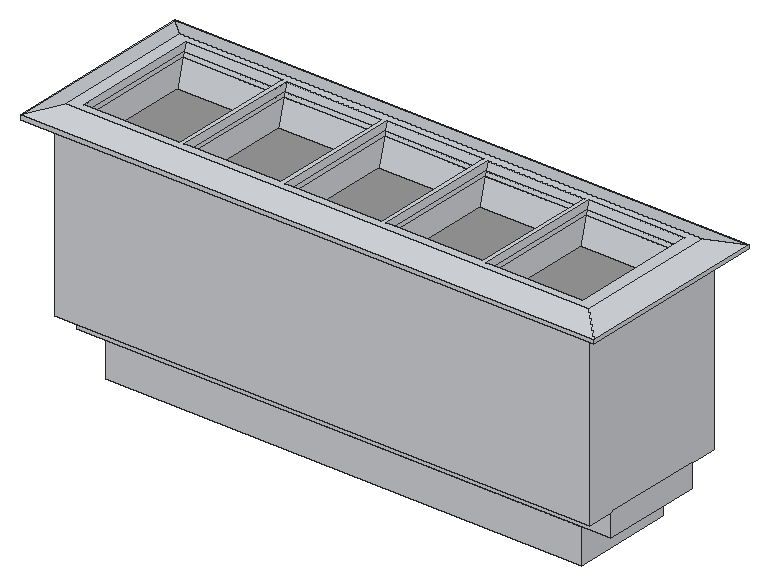
Revit family "2061425 Sylvania Lighting Fixture DOMINO 5xLED 940 BLACK MB TRIM WHITE DALI", category Lighting Fixtures, host Face, Revit 2018
Family settings
  Host = Face
  Round Connector Dimension = Use Diameter
  Part Type = Normal
  OmniClass Number = 23.80.70.00
  OmniClass Title = Lighting
  Cut with Voids When Loaded = No
  Light Source = Yes
  Shared = No
  Room Calculation Point = No
Parameters (values of type "2061425 DOMINO 5XLED 940 BLACK MB TR WHT DALI")
  top top width = 15.812 mm
  top top length = 123 mm
  Width = 50 mm
  Weight = "n/a"
  Wattage Comments = ""
  Wattage = 9.2903 W
  WarrantyStartDate [instance] = "n/a"
  WarrantyGuarantorParts = "n/a"
  WarrantyDurationUnit = "n/a"
  WarrantyDurationParts = ""
  WarrantyDescription = "http://www.sylvania-lighting.com"
  built-in parameter 1150110 = 1 (stored number, unit not read)
  Voltage = 0 V
  URL = "0.96"
  TypeName = "DOMINO 5xLED 940 BLACK MB TRIM WHITE DALI"
  Type Image = <None>
  Type Comments = "n/a"
  built-in parameter 1114217 = 1 (stored number, unit not read)
  Top Width = 26 mm
  Tilt Angle = 90.00°
  built-in parameter 1150109 = 1 (stored number, unit not read)
  built-in parameter 1150134 = 3
  built-in parameter 1150113 = 1 (stored number, unit not read)
  SerialNumber [instance] = "n/a"
  Recessed Width = 43 mm
  Recessed Length = 143 mm
  Photometric Web File = "2061425.ies"
  Material_3_FEILO = none
  PowerFactor = 0
  PowerConsumption = "Lighting"
  NominalLength = 50 mm
  NominalHeight = 0 mm
  NominalDepth = 0 mm
  Name = "DOMINO 5xLED 940 BLACK MB TRIM WHITE DALI"
  ModelReference = Name  # "DOMINO 5xLED 940 BLACK MB TRIM WHITE DALI"
  ModelNumber = "2061425"
  Model = Name  # "DOMINO 5xLED 940 BLACK MB TRIM WHITE DALI"
  Material = "Feilo Sylvania"
  ManufacturerName = "62 lm/W"
  Manufacturer = ""
  LuminousEfficacy = ""
  built-in parameter 1150105 = 109.82 (stored number, unit not read)
  Lumens = 1380 lm
  LuminaireType = "0"
  built-in parameter 1150115 = 1 (stored number, unit not read)
  LightOutputRatio = "LED"
  built-in parameter 1150137 = (empty or 0)
  built-in parameter 1150139 = (empty or 0)
  Lens inside recess = 25 mm
  Lens Width = 32 mm
  Lens Outside recess = 31.978 mm
  Lens = Glass, White, High Luminance
  Length = 148 mm
  LampsType = Lamp  # "n/a"
  LampNominalLuminous = "4000 K"
  LampMacAdamStep = "90"
  LampColourTemperature = "LED"
  LampColourRenderingIndex = "16500"
  built-in parameter 1150112 = 1 (stored number, unit not read)
  built-in parameter 1150114 = 1 (stored number, unit not read)
  Lamp = "n/a"
  Keynote = "n/a"
  InstallationDate [instance] = "n/a"
  InputVoltage = "0"
  InputNominalFrequency = "4000"
  built-in parameter 1150132 = (empty or 0)
  built-in parameter 1150102 = (empty or 0)
  built-in parameter 1150107 = 3200 (stored number, unit not read)
  built-in parameter 1150138 = (empty or 0)
  IngressProtection = "IfcLightFixtureType"
  ImpactProtectionIndex = "IfcLightFixtureType"
  built-in parameter 1150106 = 1.0982 (stored number, unit not read)
  IfcExportType = "IfcLightFixtureType"
  IfcExportAs = "Class II"
  Facia internal width = 37 mm
  Facia internal length = 135 mm
  Facia Height = 2 mm
  ExpectedLife = 50000
  Emit from Circle Diameter = 609.6 mm
  Emit Shape Visible in Rendering = no
  ElectricShockClassification = "62"
  built-in parameter 1150104 = 13.8 (stored number, unit not read)
  DurationUnit = "hours"
  DocumentationLiterature = "http://www.sylvania-lighting.com/product/en-int/products/2061425"
  DimmingControlOptions = "n/a"
  Material_2_FEILO = none
  Dimming Lamp Color Temperature Shift = <None>
  Description = "Modular LED recessed linear spotlight, ideal for retail and hospitality applications. Die-cast aluminium body, passive cooling. Two levels of reflector installation, low glaring UGR<16. 5x LED source, 30° beam angle , optics: PMMA lens and polycarbonate reflector combination, Black matt reflector finish. Light color temperature: 4000K neutral white, total system power: 13W , total fixture lumen output: 800lm, efficacy: 62 lm/W, Ra90 typical, LED chromacity: 3 step MacAdam ellipse (SDCM3), lifespan: 96,000 hours at 90% of the original output (L90B10), IR/UV free light source without heat radiation, operating voltage: 220-240V / 50-60Hz, electronic driver, ultra low flicker, DALI , electrical protection: Class II. Degree of Protection: IP40/IP20, suitable for indoor environment only. Ceiling cut-out: 43x43mm, outer dimensions:  150x50mm trim frame RAL 9016 - Traffic white / Bezel color.5 years Warranty."
  Default Elevation = 1219.2 mm
  CreatedOn = "10/02/2021"
  CreatedBy = "@sylvania-lighting.com"
  Cost = 0
  Color Filter = 16777215
  built-in parameter 1114216 [instance] = (empty or 0)
  ClassificationValue = "EF_70_80"
  ClassificationName = "Uniclass2015"
  Material_1_FEILO = none
  Body Width = 40 mm
  Body Length = 138 mm
  BarCode [instance] = "n/a"
  built-in parameter 1114218 = 1 (stored number, unit not read)
  built-in parameter 1150133 = 10 (stored number, unit not read)
  AssetType = "Fixed"
  AssetIdentifier [instance] = "n/a"
  Assembly Code = "D5020200"
  Apparent Load = 13 VA
  Material_4_FEILO = none
Reference planes
  plane 1 "Center (Front/Back)": y = 0
  plane 2: z = 0
  plane 3 "Center (Left/Right)": x = 0
  plane 4: z = 0
  plane 5: z = -7
  plane 6: z = -45.895
  plane 7: z = -51.895
  plane 8: z = -60.895
  plane 9: x = -71.5
  plane 10: x = 71.5
  plane 11: y = 21.5
  plane 12: y = -21.5
  plane 13: x = -74
  plane 14: x = 74
  plane 15: y = 25
  plane 16: y = -25
  plane 17: x = 67.5
  plane 18: x = -67.5
  plane 19: y = 18.5
  plane 20: y = -18.5
  plane 21: z = 2
  plane 22: x = -69
  plane 23: x = 69
  plane 24: y = 20
  plane 25: y = -20
  plane 26: y = 13
  plane 27: y = -13
  plane 28: x = 61.5
  plane 29: x = -61.5
  plane 30: x = -65.5
  plane 31: y = 16.5
  plane 32: y = -16.472
  plane 33: x = -40.5
  plane 34: x = -41
  plane 35: x = -65
  plane 36: y = 13
  plane 37: y = -12.972
  plane 38: x = -39.5
  plane 39: x = -14.48
  plane 40: x = -13.48
  plane 41: x = 11.52
  plane 42: x = 12.52
  plane 43: x = 37.52
  plane 44: x = 38.52
  plane 45: x = 64.5
Forms (mm)
  Extrusion 1, solid, not visible, detail levels medium+fine
    sketch origin (4.2, 0, 0) x (1, 0, 0) y (0, 1, 0)
      loop
        line (-29.2, 34.5) -> (-29.2, -34.5) -> (20.8, -34.5) -> (20.8, 34.5) -> (-29.2, 34.5)
    from 0 to 1
  Extrusion 2, solid, not visible, detail levels medium+fine
    sketch origin (4.044, 0, 0) x (1, 0, 0) y (0, 1, 0)
      loop
        line (-29.2, 34.5) -> (-29.2, -34.5) -> (20.8, -34.5) -> (20.8, 34.5) -> (-29.2, 34.5)
    from 0 to 1
  Blend 3, solid, not visible, detail levels medium+fine
    base sketch origin (4.2, 0, 0) x (1, 0, 0) y (0, 1, 0)
      loop
        line (-29.2, 34.5) -> (-29.2, -34.5) -> (20.8, -34.5) -> (20.8, 34.5) -> (-29.2, 34.5)
    top sketch origin (4.2, 0, 0) x (1, 0, 0) y (0, 1, 0)
      loop
        line (-21.7, 28) -> (-21.7, -28) -> (13.3, -28) -> (13.3, 28) -> (-21.7, 28)
    from 1 to 3
  Extrusion 4, solid, not visible, detail levels medium+fine
    sketch origin (3.419, 0, 0) x (1, 0, 0) y (0, 1, 0)
      loop
        line (-29.2, 34.5) -> (-29.2, -34.5) -> (20.8, -34.5) -> (20.8, 34.5) -> (-29.2, 34.5)
    from 0 to 1
  Blend 5, solid, not visible, detail levels medium+fine
    base sketch origin (3.575, 0, 0) x (1, 0, 0) y (0, 1, 0)
      loop
        line (-29.2, 34.5) -> (-29.2, -34.5) -> (20.8, -34.5) -> (20.8, 34.5) -> (-29.2, 34.5)
    top sketch origin (3.575, 0, 0) x (1, 0, 0) y (0, 1, 0)
      loop
        line (-21.7, 28) -> (-21.7, -28) -> (13.3, -28) -> (13.3, 28) -> (-21.7, 28)
    from 1 to 3
  Extrusion 6, solid, not visible, detail levels medium+fine
    sketch origin (4.247, 0, 0) x (1, 0, 0) y (0, 1, 0)
      loop
        line (-29.2, 34.5) -> (-29.2, -34.5) -> (20.8, -34.5) -> (20.8, 34.5) -> (-29.2, 34.5)
    from 0 to 1
  Blend 7, solid, not visible, detail levels medium+fine
    base sketch origin (4.403, 0, 0) x (1, 0, 0) y (0, 1, 0)
      loop
        line (-29.2, 34.5) -> (-29.2, -34.5) -> (20.8, -34.5) -> (20.8, 34.5) -> (-29.2, 34.5)
    top sketch origin (4.403, 0, 0) x (1, 0, 0) y (0, 1, 0)
      loop
        line (-21.7, 28) -> (-21.7, -28) -> (13.3, -28) -> (13.3, 28) -> (-21.7, 28)
    from 1 to 3
  Extrusion 8, void, detail levels medium+fine
    sketch origin (4.2, 0, 0) x (0, 1, 0) y (1, 0, 0)
      loop
        line (21.5, -75.7) -> (21.5, 67.3) -> (-21.5, 67.3) -> (-21.5, -75.7) -> (21.5, -75.7)
    from -9.934 to 83.097
  Extrusion 9, solid, detail levels medium+fine
    sketch origin (4.2, 0, 0) x (1, 0, 0) y (0, 1, 0)
      loop
        line (-78.2, 25) -> (-78.2, -25) -> (69.8, -25) -> (69.8, 25) -> (-78.2, 25)
    from 0 to 1
  Extrusion 10, solid, detail levels medium+fine
    sketch origin (4.2, 0, 0) x (1, 0, 0) y (0, 1, 0)
      loop
        line (-73.2, 20) -> (-73.2, -20) -> (64.8, -20) -> (64.8, 20) -> (-73.2, 20)
    from 0 to -45.895
  Extrusion 11, solid, detail levels medium+fine
    sketch origin (4.2, 0, 0) x (1, 0, 0) y (0, 1, 0)
      loop
        line (-73.2, 13) -> (-73.2, -13) -> (64.8, -13) -> (64.8, 13) -> (-73.2, 13)
    from -51.895 to -45.895
  Extrusion 12, solid, material "Glass, White, High Luminance" <- "Lens", detail levels fine
    sketch origin (11.874, 1219.733, 36.156) x (1, 0, 0) y (0, 1, 0)
      loop
        line (-75.883, -1206.7) -> (-75.883, -1232.733) -> (-51.887, -1232.733) -> (-51.887, -1206.7) -> (-75.883, -1206.7)
    from -43.156 to -42.182
  Blend 13, solid, detail levels medium+fine
    base sketch origin (4.2, 0, 0) x (1, 0, 0) y (0, 1, 0)
      loop
        line (-78.2, 25) -> (-78.2, -25) -> (69.8, -25) -> (69.8, 25) -> (-78.2, 25)
    top sketch origin (4.2, 0, 0) x (1, 0, 0) y (0, 1, 0)
      loop
        line (-71.7, 18.5) -> (-71.7, -18.5) -> (63.3, -18.5) -> (63.3, 18.5) -> (-71.7, 18.5)
    from 1 to 3
  Extrusion 14, solid, detail levels fine
    sketch origin (0, 0, 0) x (1, 0, 0) y (0, 0, 1)
      loop
        line (-61.5, -51.895) -> (-61.5, -60.895) -> (61.5, -60.895) -> (61.5, -51.895) -> (-61.5, -51.895)
    from -13 to 13
  Blend 15, void
    base sketch origin (5.187, 0, 0) x (0, 1, 0) y (-1, 0, 0)
      loop
        line (16.5, 69.7) -> (-16.472, 69.7) -> (-16.472, 44.7) -> (16.5, 44.7) -> (16.5, 69.7)
    top sketch origin (5.187, 0, 0) x (0, 1, 0) y (-1, 0, 0)
      loop
        line (13, 69.2) -> (-12.972, 69.2) -> (-12.972, 45.2) -> (13, 45.2) -> (13, 69.2)
    from 3 to -7
  Blend 16, void
    base sketch origin (31.202, 0, 0) x (0, 1, 0) y (-1, 0, 0)
      loop
        line (16.5, 69.7) -> (-16.472, 69.7) -> (-16.472, 44.7) -> (16.5, 44.7) -> (16.5, 69.7)
    top sketch origin (31.202, 0, 0) x (0, 1, 0) y (-1, 0, 0)
      loop
        line (13, 69.2) -> (-12.972, 69.2) -> (-12.972, 45.2) -> (13, 45.2) -> (13, 69.2)
    from 3 to -7
  Blend 17, void
    base sketch origin (57.213, -0.017, 0) x (0, 1, 0) y (-1, 0, 0)
      loop
        line (16.5, 69.7) -> (-16.472, 69.7) -> (-16.472, 44.7) -> (16.5, 44.7) -> (16.5, 69.7)
    top sketch origin (57.213, -0.017, 0) x (0, 1, 0) y (-1, 0, 0)
      loop
        line (13, 69.2) -> (-12.972, 69.2) -> (-12.972, 45.2) -> (13, 45.2) -> (13, 69.2)
    from 3 to -7
  Blend 18, void
    base sketch origin (83.222, 0, 0) x (0, 1, 0) y (-1, 0, 0)
      loop
        line (16.5, 69.7) -> (-16.472, 69.7) -> (-16.472, 44.7) -> (16.5, 44.7) -> (16.5, 69.7)
    top sketch origin (83.222, 0, 0) x (0, 1, 0) y (-1, 0, 0)
      loop
        line (13, 69.2) -> (-12.972, 69.2) -> (-12.972, 45.2) -> (13, 45.2) -> (13, 69.2)
    from 3 to -7
  Blend 19, void
    base sketch origin (109.202, 0, 0) x (0, 1, 0) y (-1, 0, 0)
      loop
        line (16.5, 69.7) -> (-16.472, 69.7) -> (-16.472, 44.7) -> (16.5, 44.7) -> (16.5, 69.7)
    top sketch origin (109.202, 0, 0) x (0, 1, 0) y (-1, 0, 0)
      loop
        line (13, 69.2) -> (-12.972, 69.2) -> (-12.972, 45.2) -> (13, 45.2) -> (13, 69.2)
    from 3 to -7
  Extrusion 20, solid, material "Glass, White, High Luminance" <- "Lens", detail levels fine
    sketch origin (37.889, 1219.733, 36.156) x (1, 0, 0) y (0, 1, 0)
      loop
        line (-75.883, -1206.7) -> (-75.883, -1232.733) -> (-51.887, -1232.733) -> (-51.887, -1206.7) -> (-75.883, -1206.7)
    from -43.156 to -42.182
  Extrusion 21, solid, material "Glass, White, High Luminance" <- "Lens", detail levels fine
    sketch origin (63.896, 1219.733, 36.156) x (1, 0, 0) y (0, 1, 0)
      loop
        line (-75.883, -1206.7) -> (-75.883, -1232.733) -> (-51.887, -1232.733) -> (-51.887, -1206.7) -> (-75.883, -1206.7)
    from -43.156 to -42.182
  Extrusion 22, solid, material "Glass, White, High Luminance" <- "Lens", detail levels fine
    sketch origin (89.905, 1219.733, 36.156) x (1, 0, 0) y (0, 1, 0)
      loop
        line (-75.883, -1206.7) -> (-75.883, -1232.733) -> (-51.887, -1232.733) -> (-51.887, -1206.7) -> (-75.883, -1206.7)
    from -43.156 to -42.182
  Extrusion 23, solid, material "Glass, White, High Luminance" <- "Lens", detail levels fine
    sketch origin (115.886, 1219.733, 36.156) x (1, 0, 0) y (0, 1, 0)
      loop
        line (-75.883, -1206.7) -> (-75.883, -1232.733) -> (-51.887, -1232.733) -> (-51.887, -1206.7) -> (-75.883, -1206.7)
    from -43.156 to -42.182
  Extrusion 24, solid, detail levels coarse
    sketch origin (4.2, 0, 0) x (1, 0, 0) y (0, 1, 0)
      loop
        line (-78.2, 25) -> (-78.2, -25) -> (69.8, -25) -> (69.8, 25) -> (-78.2, 25)
    from 3 to -60.895
Cuts and joins
  Blend 15, Blend 16, Blend 17, Blend 18, Blend 19 cuts Extrusion 9
  Blend 15, Blend 16, Blend 17, Blend 18, Blend 19 cuts Extrusion 10
  Blend 15, Blend 16, Blend 17, Blend 18, Blend 19 cuts Blend 13
Dimensions and locks
  "Recessed Length": plane 9 to plane 10
  equal spacing: plane 9, plane 3 "Center (Left/Right)", plane 10
  "Length": plane 13 to plane 14
  equal spacing: plane 13, plane 3 "Center (Left/Right)", plane 14
  "Recessed Width": plane 11 to plane 12
  equal spacing: plane 11, plane 1 "Center (Front/Back)", plane 12
  "Width": plane 15 to plane 16
  equal spacing: plane 15, plane 1 "Center (Front/Back)", plane 16
  "Facia internal length": plane 18 to plane 17
  equal spacing: plane 18, plane 3 "Center (Left/Right)", plane 17
  "Facia internal width": plane 19 to plane 20
  equal spacing: plane 19, plane 1 "Center (Front/Back)", plane 20
  "Facia Height": plane 21 to host face
  "Body Length": plane 22 to plane 23
  equal spacing: plane 22, plane 3 "Center (Left/Right)", plane 23
  "Body Width": plane 24 to plane 25
  equal spacing: plane 24, plane 1 "Center (Front/Back)", plane 25
  "Top Width": plane 26 to plane 27
  equal spacing: plane 26, plane 1 "Center (Front/Back)", plane 27
  "top top length": plane 29 to plane 28
  equal spacing: plane 29, plane 3 "Center (Left/Right)", plane 28  (x2)
  plane 28 to plane 29 = 123 mm
  equal spacing: plane 28, plane 3 "Center (Left/Right)", plane 29
  aligned and locked: plane 2 to host face
  aligned and locked: level to host face
  aligned and locked: Extrusion 11 to plane 7
  aligned and locked: Extrusion 10 to plane 6
  aligned and locked: Extrusion 12 to plane 5
Automatic sketch dimensions
  Extrusion 1 sketch curve to Extrusion 1 sketch curve = 50 mm
  Extrusion 1 sketch curve to Extrusion 1 sketch curve = 69 mm
  Extrusion 2 sketch curve to Extrusion 2 sketch curve = 50 mm
  Extrusion 2 sketch curve to Extrusion 2 sketch curve = 69 mm
  Blend 3 sketch curve to Blend 3 sketch curve = 50 mm
  Blend 3 sketch curve to Blend 3 sketch curve = 69 mm
  Blend 3 sketch curve to Blend 3 sketch curve = 35 mm
  Blend 3 sketch curve to Blend 3 sketch curve = 56 mm
  Extrusion 4 sketch curve to Extrusion 4 sketch curve = 50 mm
  Extrusion 4 sketch curve to Extrusion 4 sketch curve = 69 mm
  Blend 5 sketch curve to Blend 5 sketch curve = 50 mm
  Blend 5 sketch curve to Blend 5 sketch curve = 69 mm
  Blend 5 sketch curve to Blend 5 sketch curve = 35 mm
  Blend 5 sketch curve to Blend 5 sketch curve = 56 mm
  Extrusion 6 sketch curve to Extrusion 6 sketch curve = 50 mm
  Extrusion 6 sketch curve to Extrusion 6 sketch curve = 69 mm
  Blend 7 sketch curve to Blend 7 sketch curve = 50 mm
  Blend 7 sketch curve to Blend 7 sketch curve = 69 mm
  Blend 7 sketch curve to Blend 7 sketch curve = 35 mm
  Blend 7 sketch curve to Blend 7 sketch curve = 56 mm
  host sketch curve to host sketch curve = 2438.4 mm  (x2)
  Extrusion 8 sketch curve to plane 9 = 0 mm
  Extrusion 8 sketch curve to plane 12 = 0 mm
  Extrusion 8 sketch curve to plane 11 = 0 mm
  Extrusion 8 sketch curve to plane 10 = 0 mm
  Extrusion 9 sketch curve to plane 13 = 0 mm
  Extrusion 9 sketch curve to plane 14 = 0 mm
  Extrusion 9 sketch curve to plane 16 = 0 mm
  Extrusion 9 sketch curve to plane 15 = 0 mm
  Extrusion 10 sketch curve to plane 22 = 0 mm
  Extrusion 10 sketch curve to plane 23 = 0 mm
  Extrusion 10 sketch curve to plane 25 = 0 mm
  Extrusion 10 sketch curve to plane 24 = 0 mm
  Extrusion 11 sketch curve to plane 22 = 0 mm
  Extrusion 11 sketch curve to plane 23 = 0 mm
  Extrusion 11 sketch curve to plane 27 = 0 mm
  Extrusion 11 sketch curve to plane 26 = 0 mm
  Extrusion 12 sketch curve to plane 27 = 0 mm
  plane 35 to Extrusion 12 sketch curve = 0.991 mm
  plane 26 to Extrusion 12 sketch curve = 0.033 mm
  plane 33 to Extrusion 12 sketch curve = 0.487 mm
  Blend 13 sketch curve to plane 13 = 0 mm
  Blend 13 sketch curve to plane 14 = 0 mm
  Blend 13 sketch curve to plane 16 = 0 mm
  Blend 13 sketch curve to plane 15 = 0 mm
  Blend 13 sketch curve to plane 18 = 0 mm
  Blend 13 sketch curve to plane 17 = 0 mm
  Blend 13 sketch curve to plane 20 = 0 mm
  Blend 13 sketch curve to plane 19 = 0 mm
  Extrusion 14 sketch curve to plane 8 = 0 mm
  Extrusion 14 sketch curve to plane 29 = 0 mm
  Extrusion 14 sketch curve to plane 28 = 0 mm
  Extrusion 14 sketch curve to plane 7 = 0 mm
  Blend 15 sketch curve to plane 32 = 0 mm
  Blend 15 sketch curve to plane 31 = 0 mm
  Blend 15 sketch curve to plane 38 = 0.013 mm
  plane 35 to Blend 15 sketch curve = 0.487 mm
  Blend 15 sketch curve to plane 37 = 0 mm
  Blend 15 sketch curve to plane 26 = 0 mm
  plane 33 to Blend 15 sketch curve = 0.487 mm
  plane 35 to Blend 15 sketch curve = 0.987 mm
  Blend 16 sketch curve to plane 32 = 0 mm
  Blend 16 sketch curve to plane 31 = 0 mm
  Blend 16 sketch curve to plane 40 = 0.018 mm
  plane 38 to Blend 16 sketch curve = 1.002 mm
  Blend 16 sketch curve to plane 37 = 0 mm
  Blend 16 sketch curve to plane 26 = 0 mm
  plane 39 to Blend 16 sketch curve = 0.482 mm
  plane 38 to Blend 16 sketch curve = 1.502 mm
  Blend 17 sketch curve to plane 32 = 0.017 mm
  Blend 17 sketch curve to plane 31 = 0.017 mm
  Blend 17 sketch curve to plane 42 = 0.007 mm
  plane 40 to Blend 17 sketch curve = 0.993 mm
  plane 27 to Blend 17 sketch curve = 0.011 mm
  Blend 17 sketch curve to plane 26 = 0.017 mm
  plane 41 to Blend 17 sketch curve = 0.493 mm
  plane 40 to Blend 17 sketch curve = 1.493 mm
  plane 32 to Blend 18 sketch curve = 0 mm
  plane 31 to Blend 18 sketch curve = 0 mm
  plane 44 to Blend 18 sketch curve = 0.002 mm
  plane 42 to Blend 18 sketch curve = 1.002 mm
  plane 37 to Blend 18 sketch curve = 0 mm
  plane 26 to Blend 18 sketch curve = 0 mm
  Blend 18 sketch curve to plane 44 = 0.498 mm
  plane 42 to Blend 18 sketch curve = 1.502 mm
  Blend 19 sketch curve to plane 32 = 0 mm
  Blend 19 sketch curve to plane 31 = 0 mm
  plane 45 to Blend 19 sketch curve = 0.002 mm
  plane 44 to Blend 19 sketch curve = 0.982 mm
  Blend 19 sketch curve to plane 37 = 0 mm
  Blend 19 sketch curve to plane 26 = 0 mm
  Blend 19 sketch curve to plane 45 = 0.498 mm
  plane 44 to Blend 19 sketch curve = 1.482 mm
  Extrusion 20 sketch curve to plane 27 = 0 mm
  plane 38 to Extrusion 20 sketch curve = 1.506 mm
  plane 26 to Extrusion 20 sketch curve = 0.033 mm
  plane 39 to Extrusion 20 sketch curve = 0.482 mm
  Extrusion 21 sketch curve to plane 27 = 0 mm
  plane 40 to Extrusion 21 sketch curve = 1.493 mm
  plane 26 to Extrusion 21 sketch curve = 0.033 mm
  plane 41 to Extrusion 21 sketch curve = 0.49 mm
  Extrusion 22 sketch curve to plane 27 = 0 mm
  plane 42 to Extrusion 22 sketch curve = 1.502 mm
  plane 26 to Extrusion 22 sketch curve = 0.033 mm
  plane 43 to Extrusion 22 sketch curve = 0.498 mm
  Extrusion 23 sketch curve to plane 27 = 0 mm
  plane 44 to Extrusion 23 sketch curve = 1.482 mm
  plane 26 to Extrusion 23 sketch curve = 0.033 mm
  Extrusion 23 sketch curve to plane 45 = 0.501 mm
  Extrusion 24 sketch curve to plane 13 = 0 mm
  Extrusion 24 sketch curve to plane 14 = 0 mm
  Extrusion 24 sketch curve to plane 16 = 0 mm
  Extrusion 24 sketch curve to plane 15 = 0 mm
Connectors
  electrical at (0, 0, -60.895)
    settings: on Extrusion 14, index 1, voltage 0 V, apparent load 0 VA, apparent load phase1 0 VA, apparent load phase2 0 VA, apparent load phase3 0 VA, power factor 1, load classification "Other", number of poles 1, system type 31, power factor state 1, is connector primary yes, connector utility no, sub classification motor no, connector description ""
